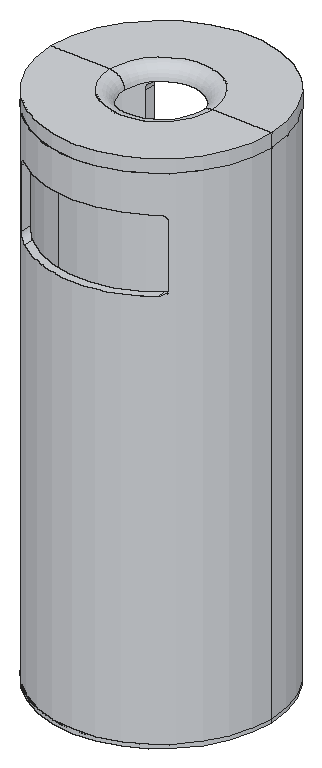
Revit family "Урна УТ300Н", category Антураж, Revit 2017
Family settings
  На основе рабочей плоскости = Нет
  Всегда вертикально = Да
  При загрузке вырезать с полостями = Нет
  Источник визуального образа = Геометрия семейства
  Общий = Нет
  Точка расчета площади = Нет
Parameters (values of type "УТ300Н")
  Стоимость = 1644
  Изготовитель = "ООО «Хоббика»"
  Высота = 0 mm
  URL = "https://hobbyka.ru/product/urna_ut300n/?sphrase_id=82708"
  ADSK_Размер_Диаметр = 300 mm
  ADSK_Размер_Высота = 718 mm
  ADSK_Объем = 51.00 m³
  ADSK_Наименование = "Урна УТ300Н"
  ADSK_Материал урны = none
  ADSK_Масса = 4.00 kg
  ADSK_Код изделия = "9356"
Reference planes
  plane 1 "По центру (Вперед/Назад)": y = 0
  plane 2: z = 0
  plane 3 "По центру (Влево/Вправо)": x = 0
  plane 4: z = 718
  plane 5: z = 5
Forms (mm)
  Extrusion 1, solid, material <- "ADSK_Материал урны"
    sketch origin (0, 0, 0) x (1, 0, 0) y (0, 1, 0)
      loop
        circle (0, 0) r 150
      loop
        circle (0, 0) r 140
    from 5 to 700
  Extrusion 2, solid, material <- "ADSK_Материал урны"
    sketch origin (0, 0, 0) x (1, 0, 0) y (0, 1, 0)
      loop
        circle (0, 0) r 150
    from 0 to 5
  Revolve 3, solid, material <- "ADSK_Материал урны"
    sketch origin (0, 0, 0) x (1, 0, 0) y (0, 0, 1)
      loop
        line (50, 700) -> (150, 700) -> (150, 718) -> (70, 718)
        arc (70, 718) -> (56.546, 712.837) -> (50, 700) r 20.111
      axis (0, 718) -> (0, 700)
    angle from 0 to 360
  Extrusion 4, void
    sketch origin (0, 0, 0) x (1, 0, 0) y (0, 0, 1)
      loop
        arc (-90, 650) -> (-97.071, 647.071) -> (-100, 640) r 10
        line (-100, 640) -> (-100, 560)
        arc (-100, 560) -> (-97.071, 552.929) -> (-90, 550) r 10
        line (-90, 550) -> (90, 550)
        arc (90, 550) -> (97.071, 552.929) -> (100, 560) r 10
        line (100, 560) -> (100, 640)
        arc (100, 640) -> (97.071, 647.071) -> (90, 650) r 10
        line (90, 650) -> (-90, 650)
    from -267.021 to 250
Cuts and joins
  Extrusion 4 cuts Extrusion 1
Dimensions and locks
  plane 4 to plane 2 = 718 mm
  plane 5 to plane 2 = 5 mm
  aligned and locked: level to plane 2
  aligned and locked: Extrusion 1 to plane 5
  aligned and locked: Extrusion 2 to Extrusion 1
  aligned and locked: Extrusion 1 to Revolve 3
